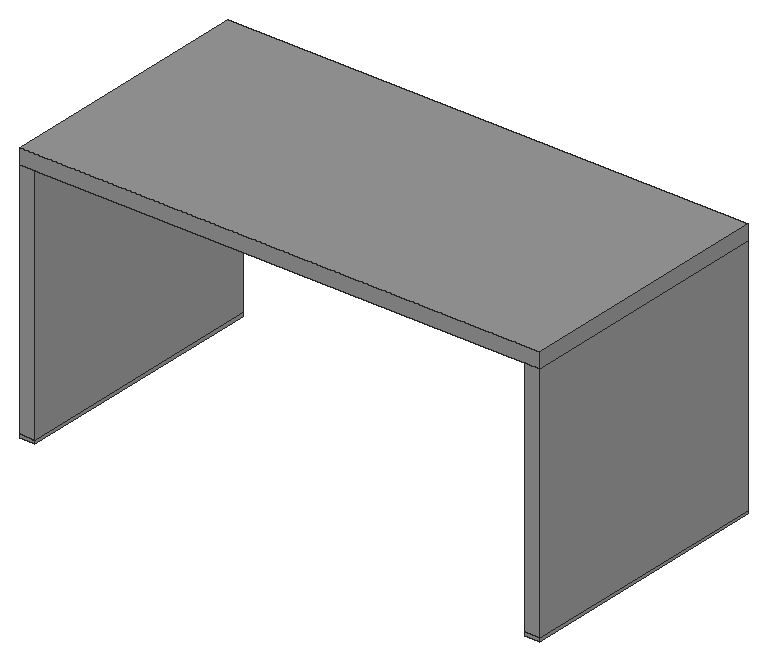
Revit family "Cocoon Community Table 42x84x42", category Generic Models, Revit 2018
Family settings
  Can host rebar = No
  Round Connector Dimension = Use Diameter
  Part Type = Normal
  Work Plane-Based = No
  Always vertical = Yes
  Cut with Voids When Loaded = No
  Shared = No
  Room Calculation Point = No
Parameters
  Frame = Cocoon Community Table 42x84x42 Frame
  Surface = Cocoon Community Table 42x84x42 Surface
Reference planes (in)
  plane 1 "Center (Front/Back)": y = 0
  plane 2: z = 0
  plane 3 "Center (Left/Right)": x = 0
Forms (in)
  Extrusion 1, solid, material "Cocoon Community Table 42x84x42 Frame" <- "Frame"
    sketch origin (0, 0, 0) x (1, 0, 0) y (0, 0, 1)
      loop
        line (-42, 0.5) -> (-42, 0) -> (-39.5, 0) -> (-39.5, 0.5) -> (-42, 0.5)
      loop
        line (42, 0.5) -> (39.5, 0.5) -> (39.5, 0) -> (42, 0) -> (42, 0.5)
    from -21 to 21
  Extrusion 2, solid, material "Cocoon Community Table 42x84x42 Surface" <- "Surface"
    sketch origin (0, 0, 13) x (1, 0, 0) y (0, 0, 1)
      loop
        line (-42, 29) -> (-42, 26.5) -> (42, 26.5) -> (42, 29) -> (-42, 29)
    from -21 to 21
  Extrusion 3, solid, material "Cocoon Community Table 42x84x42 Frame" <- "Frame"
    sketch origin (0, 0, 0) x (1, 0, 0) y (0, 0, 1)
      loop
        line (-42, 39.5) -> (-42, 0.5) -> (-39.5, 0.5) -> (-39.5, 39.5) -> (-42, 39.5)
      loop
        line (39.5, 39.5) -> (39.5, 0.5) -> (42, 0.5) -> (42, 39.5) -> (39.5, 39.5)
    from -21 to 21
  Extrusion 4, solid, material "Cocoon Community Table 42x84x42 Frame" <- "Frame"
    sketch origin (0, -90.74848, -8.58144) x (0, 1, 0) y (0, 0, 1)
      loop
        line (91.99848, 48.08144) -> (89.49848, 48.08144) -> (89.49848, 36.08144) -> (91.99848, 36.08144) -> (91.99848, 48.08144)
    from -39.5 to 39.5
Dimensions and locks (in)
  aligned and locked: plane 2 to level
